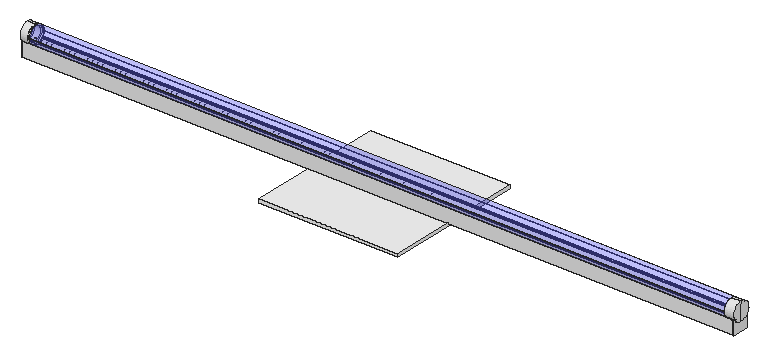
Revit family "BE_50144.2_de_DE", category Leuchten, Revit 2020
Family settings
  Basisbauteil = Fläche
  Bemaßung runder Anschluss = Durchmesser verwenden
  Teiletyp = Normal
  Beim Laden mit Abzugskörper schneiden = Ja
  Lichtquelle = Ja
  Gemeinsam genutzt = Nein
  Raumberechnungspunkt = Ja
Parameters (values of type "BEGA_50144.2_K3")
  built-in parameter 1150104 = 14.463 (stored number, unit not read)
  Wattage = 70.4 W
  Default Elevation = 0 mm
  built-in parameter 1150113 = 1 (stored number, unit not read)
  built-in parameter 1114218 = 1 (stored number, unit not read)
  Umgebungstemperatur = "25 °C"
  URL = "https://www.bega.com/de/produkt/50144.2"
  Typenkommentare = "© 2022 BEGA. Wir behalten uns das Recht vor, technische Änderungen ohne vorherige Ankündigung vorzunehmen."  # constant formula
  built-in parameter 1150134 = (empty or 0)
  built-in parameter 1150109 = 1 (stored number, unit not read)
  built-in parameter 1150110 = 1 (stored number, unit not read)
  Spannung = 239.996 V
  Sonderanfertigung = no
  Seriennummer [instance] = "Hier können Sie die eindeutige Seriennummer für das Facility Management eintragen."
  Schutzklasse = "I"
  Schutzart = "IP 20"
  Scheinlast = 0 VA
  Produktdatenblatt = "https://cdn.bega.com/bega/products/50144.2K3/current/documents/data-sheets/de"
  Neigungswinkel = 0.00°
  Modell = "50144.2K3"
  Material_22 = BEGA_Oberfläche_Aluminium_matt
  Material_14 = BEGA_Kunststoff_opal
  Material_06 = BEGA_Oberfläche_Edelstahl_gebürstet
  Material_05 = BEGA_Oberfläche_Aluminium Guss
  M_W = no
  M_G = no
  M_A = no
  Logo = 0
  built-in parameter 1114217 = 1 (stored number, unit not read)
  built-in parameter 1150139 = (empty or 0)
  built-in parameter 1150105 = 872.16 (stored number, unit not read)
  built-in parameter 1150114 = 1 (stored number, unit not read)
  Lumens = 10959.9 lm
  built-in parameter 1150115 = 1 (stored number, unit not read)
  Leuchtenlichtstrom = "8981 lm"
  Lebensdauerkriterien = "L70B50 @ 25 °C = 159000 h"
  Lastklassifizierung = Beleuchtung
  built-in parameter 1150112 = 1 (stored number, unit not read)
  Lampenlichtstrom = "10960 lm"
  Lampe = "LED 70.4 W"
  LED_Modulbezeichnung = "8x LED-0694/930"
  Hersteller = "BEGA"  # constant formula
  Gewicht = "4.9 kg"
  Frequenz = "0/50-60 Hz"
  Farbwiedergabeindex = "CRI > 90"
  Farbtemperaturverschiebung bei Dämpfen der Lampe = <Keine Auswahl>
  Farbtemperatur = "3000 K"
  Color Filter = 16777215
  built-in parameter 1150133 = 10 (stored number, unit not read)
  Energieeffizienzklasse = "LED A++ - A"
  built-in parameter 1150137 = (empty or 0)
  built-in parameter 1150132 = (empty or 0)
  ENEC = "ja"
  Dimmbar [instance] = "DALI"
  Datei für fotometrisches Netz = "BE_50144K3.IES"
  CE_Konformität = "ja"
  Bestellnummer = "50144.2K3"
  Beschreibung_Sonderanfertigung = "Hier können Sie Informationen zur Sonderanfertigung eintragen."
  Beschreibung = "Decken- und Wandleuchte"
  built-in parameter 1150106 = 8.7216 (stored number, unit not read)
  Befestigungsbohrung = "Ø 6,5 mm"
  BEGA_Intern_aus = yes
  BEGA_Intern_an = yes
  BEGA_Intern_Konstruktion = yes
  BEGA_Intern = yes
  BEGA_IES = yes
  BEGA_Dummy = no
  Anschlussleistung [instance] = "80 W"
  built-in parameter 1150107 = 3000 (stored number, unit not read)
  built-in parameter 1150102 = (empty or 0)
  built-in parameter 1150138 = (empty or 0)
  Aktualisierung = "2022-11-30T04:00:03"
  AC/DC = "AC/DC"
Reference planes
  plane 1 "Mitte (Vorne/Hinten)": y = 0
  plane 2: z = 0
  plane 3 "Mitte (Links/Rechts)": x = 0
  plane 4 "Links": x = -1025
  plane 5 "Rechts": x = 1025
  plane 6 "Unten": y = -25.454
  plane 7 "Oben": y = 25.454
  plane 8 "Vorne": z = 79.5
  plane 9 "Hinten": z = 0
Forms (mm)
  Extrusion 1, solid, material "BEGA_Platte_Weiss"
    sketch origin (0, -1119.2, 0) x (1, 0, 0) y (0, 1, 0)
      loop
        line (-200, 1319.2) -> (-200, 919.2) -> (200, 919.2) -> (200, 1319.2) -> (-200, 1319.2)
    from 0 to -10
  Extrusion 2, solid, material "BEGA_Dummy_matt", visible <- "BEGA_Dummy"
    sketch origin (80.095, -76.023, 0) x (1, 0, 0) y (0, 1, 0)
      loop
        line (-1105.095, 101.477) -> (-1105.095, 50.569) -> (944.905, 50.569) -> (944.905, 101.477) -> (-1105.095, 101.477)
    from 0 to 79.5
Dimensions and locks
  plane 1 "Mitte (Vorne/Hinten)" to Extrusion 1 = 200 mm
  aligned and locked: plane 2 to Extrusion 1
  aligned and locked: level to Extrusion 1
Nested families
  nested 1: "BE_50144.2_Leuchte" at (0, 0, 0), type "BE_50144.2_Leuchte"
Connectors
  electrical at (0, 0, 0), driven by "Lastklassifizierung", driven by "Spannung", driven by "Scheinlast"
    settings: index 1, voltage 239.996 V, apparent load 0 VA, apparent load phase1 0 VA, apparent load phase2 0 VA, apparent load phase3 0 VA, power factor 1, load classification "Beleuchtung", number of poles 1, system type 31, power factor state 1, is connector primary yes, connector utility no, sub classification motor no, connector description ""
Definition of nested family "BE_50144.2_Leuchte"
  Parameters (values of type "BE_50144.2_Leuchte")
    Default Elevation = 1 mm
    URL = "http://www.bega.de/de/produkt"
    Type Comments = "© 2015 BEGA. Wir behalten uns das Recht vor, technische Änderungen ohne vorherige Ankündigung vorzunehmen. "  # constant formula
    Type Image = (empty or 0)
    Neigungswinkel_um_Z2 = 0.00°
    Neigungswinkel_um_Z1 = 0.00°
    Neigungswinkel_um_Y2 = 0.00°
    Neigungswinkel_um_Y1 = 0.00°
    Neigungswinkel_um_X2 = 0.00°
    Neigungswinkel_um_X1 = 0.00°
    Material_22 = none
    Material_14 = none
    Material_06 = none
    Material_05 = none
    M_W = yes
    M_G = yes
    M_A = yes
    Länge_Platte = 2200 mm  # constant formula
    Höhe_Platte = -10 mm  # constant formula
    Manufacturer = "BEGA"  # constant formula
    Drehwinkel_um_Z2 = 0.00°
    Drehwinkel_um_Z1 = 0.00°
    Breite_Platte = 200 mm  # constant formula
  Reference planes
    plane 1 "Mitte (Oben/Unten)": y = 0
    plane 2: z = 0
    plane 3 "Mitte (Links/Rechts)": x = 0
    plane 4: y = -25.454
    plane 5: z = 79.5
    plane 6: y = 25.454
    plane 7: x = -1025
    plane 8: x = 1025
  Forms (mm)
    Extrusion 1, solid, detail levels medium
      sketch origin (0, 0, 0) x (1, 0, 0) y (0, 1, 0)
        loop
          line (-1100, 100) -> (-1100, -100) -> (1100, -100) -> (1100, 100) -> (-1100, 100)
      from 0 to -10 <- "Höhe_Platte"
    Extrusion 2, solid, material <- "Material_22", detail levels medium+fine
      sketch origin (0, 0, 0) x (0, 1, 0) y (0, 0, 1)
        loop
          line (-22.75, 0) -> (-16, 0) -> (-16, 2) -> (-20.75, 2) -> (-20.75, 28.454)
          arc (-20.75, 28.454) -> (-20.25, 29.32) -> (-19.25, 29.32) r 1
          line (-19.25, 29.32) -> (-13.5, 26) -> (-7.983, 26) -> (-7.983, 28.588) -> (-20, 35.526) -> (-20.266, 38.57)
          arc (-20.266, 38.57) -> (-20.71, 39.168) -> (-21.136, 39.78) r 25.5
          arc (-21.136, 39.78) -> (-21.502, 39.998) -> (-21.942, 39.865) r 0.5
          line (-21.942, 39.865) -> (-22.75, 38.996) -> (-22.75, 0)
        loop
          line (22.75, 0) -> (22.75, 38.996) -> (21.942, 39.865)
          arc (21.942, 39.865) -> (21.502, 39.998) -> (21.136, 39.78) r 0.5
          arc (21.136, 39.78) -> (20.71, 39.168) -> (20.266, 38.57) r 25.5
          line (20.266, 38.57) -> (20, 35.526) -> (7.983, 28.588) -> (7.983, 26) -> (13.5, 26) -> (19.25, 29.32)
          arc (19.25, 29.32) -> (20.25, 29.32) -> (20.75, 28.454) r 1
          line (20.75, 28.454) -> (20.75, 2) -> (16, 2) -> (16, 0) -> (22.75, 0)
      from -1021.8 to 1020.2
    Extrusion 3, solid, material <- "Material_22", detail levels medium+fine
      sketch origin (0, 0, 0) x (0, 1, 0) y (0, 0, 1)
        loop
          arc (-21.135, 39.779) -> (-21.511, 39.998) -> (-21.916, 39.84) r 0.5
          line (-21.916, 39.84) -> (-22.75, 38.996) -> (-22.75, 0) -> (22.75, 0) -> (22.75, 38.996) -> (21.942, 39.865)
          arc (21.942, 39.865) -> (21.511, 39.998) -> (21.135, 39.779) r 0.5
          arc (21.135, 39.779) -> (0, 28.546) -> (-21.135, 39.779) r 25.5
      from -1023.8 to -1021.8
    Extrusion 4, solid, material <- "Material_22", detail levels medium+fine
      sketch origin (1294, 0, 0) x (0, 1, 0) y (0, 0, 1)
        loop
          arc (-21.135, 39.779) -> (-21.511, 39.998) -> (-21.916, 39.84) r 0.5
          line (-21.916, 39.84) -> (-22.75, 38.996) -> (-22.75, 0) -> (22.75, 0) -> (22.75, 38.996) -> (21.942, 39.865)
          arc (21.942, 39.865) -> (21.511, 39.998) -> (21.135, 39.779) r 0.5
          arc (21.135, 39.779) -> (0, 28.546) -> (-21.135, 39.779) r 25.5
      from -273.8 to -271.8
    Extrusion 5, solid, material <- "Material_05", detail levels medium+fine
      sketch origin (250, 0, 0) x (1, 0, 0) y (0, 1, 0)
        loop
          line (672.7, -17.315) -> (700.2, -17.315) -> (700.2, 17.129) -> (672.7, 17.129) -> (672.7, -17.315)
        loop
          line (-264.8, -17.315) -> (-237.3, -17.315) -> (-237.3, 17.129) -> (-264.8, 17.129) -> (-264.8, -17.315)
        loop
          line (-1202.3, -17.315) -> (-1174.8, -17.315) -> (-1174.8, 17.129) -> (-1202.3, 17.129) -> (-1202.3, -17.315)
      from 2 to 4.6
    Extrusion 6, void
      sketch origin (250, 0, 0) x (1, 0, 0) y (0, 1, 0)
        loop
          arc (-1185.05, 3) -> (-1188.3, 6.25) -> (-1191.55, 3) r 3.25
          line (-1191.55, 3) -> (-1191.55, -3)
          arc (-1191.55, -3) -> (-1188.3, -6.25) -> (-1185.05, -3) r 3.25
          line (-1185.05, -3) -> (-1185.05, 3)
        loop
          arc (689.7, -3.25) -> (692.95, 0) -> (689.7, 3.25) r 3.25
          line (689.7, 3.25) -> (683.7, 3.25)
          arc (683.7, 3.25) -> (680.45, 0) -> (683.7, -3.25) r 3.25
          line (683.7, -3.25) -> (689.7, -3.25)
        loop
          arc (-248.05, -3.25) -> (-244.8, 0) -> (-248.05, 3.25) r 3.25
          line (-248.05, 3.25) -> (-254.05, 3.25)
          arc (-254.05, 3.25) -> (-257.3, 0) -> (-254.05, -3.25) r 3.25
          line (-254.05, -3.25) -> (-248.05, -3.25)
      from 0 to 4.6
    Revolve 7, solid, material <- "Material_22", detail levels medium+fine
      sketch origin (-250, 0, 0) x (1, 0, 0) y (0, 0, 1)
        loop
          line (-775, 79.5) -> (-775, 54) -> (-767.5, 54) -> (-767.5, 59.1) -> (-773, 62.275) -> (-773, 74.541) -> (-753.595, 74.88) -> (-753.595, 78.421) -> (-748, 78.518) -> (-748, 79.5) -> (-775, 79.5)
        axis (-748, 54) -> (-775, 54)
      angle from 0 to 360
    Extrusion 8, solid, material <- "Material_14", detail levels medium+fine
      sketch origin (0, 0, 0) x (0, 1, 0) y (0, 0, 1)
        loop
          circle (0, 54.046) r 25.454
      from -998 to 998
    Revolve 9, void
      sketch origin (-250, 0, 0) x (1, 0, 0) y (0, 0, 1)
        loop
          line (-776.036, 58) -> (-776.036, 54) -> (-769.464, 54) -> (-769.464, 58) -> (-776.036, 58)
        axis (-769.464, 54) -> (-776.036, 54)
      angle from 0 to 360
    Revolve 10, solid, material <- "Material_06", detail levels fine
      sketch origin (-250, 0, 0) x (1, 0, 0) y (0, 0, 1)
        loop
          line (-774.464, 57.5) -> (-774.464, 54) -> (-769.464, 54) -> (-769.464, 57.5) -> (-774.464, 57.5)
        axis (-769.464, 54) -> (-774.464, 54)
      angle from 0 to 360
    Revolve 11, solid, material <- "Material_22", detail levels medium+fine
      sketch origin (250, 0, 0) x (-1, 0, 0) y (0, 0, 1)
        loop
          line (-775, 79.5) -> (-775, 54) -> (-767.5, 54) -> (-767.5, 59.1) -> (-773, 62.275) -> (-773, 74.541) -> (-753.595, 74.88) -> (-753.595, 78.421) -> (-748, 78.518) -> (-748, 79.5) -> (-775, 79.5)
        axis (-748, 54) -> (-775, 54)
      angle from 0 to 360
  Cuts and joins
    joined: Extrusion 3, Extrusion 4
    Extrusion 6 cuts Extrusion 5
    Revolve 9 cuts Revolve 7
    joined: Revolve 7, Revolve 11
  Dimensions and locks
    equal spacing: Extrusion 1 sketch curve, plane 3 "Mitte (Links/Rechts)", Extrusion 1 sketch curve
    equal spacing: Extrusion 1 sketch curve, plane 1 "Mitte (Oben/Unten)", Extrusion 1 sketch curve
    "Länge_Platte": Extrusion 1 sketch curve to Extrusion 1 sketch curve
    "Breite_Platte": Extrusion 1 sketch curve to Extrusion 1 sketch curve
    aligned and locked: Extrusion 1 to plane 2
    aligned and locked: level to Extrusion 1
  Automatic sketch dimensions
    Extrusion 2 sketch curve to level = 0 mm  (x2)
    plane 4 to Extrusion 2 sketch curve = 2.704 mm
    Extrusion 2 sketch curve to Extrusion 2 sketch curve = 1.2 mm  (x2)
    plane 4 to Extrusion 2 sketch curve = 4.704 mm
    Extrusion 2 sketch curve to Extrusion 2 sketch curve = 1.284 mm  (x2)
    Extrusion 2 sketch curve to Extrusion 2 sketch curve = 0.266 mm  (x2)
    Extrusion 2 sketch curve to Extrusion 2 sketch curve = 1 mm
    Extrusion 2 sketch curve to Extrusion 2 sketch curve = 4.75 mm
    Extrusion 2 sketch curve to Extrusion 2 sketch curve = 6.25 mm
    Extrusion 2 sketch curve to Extrusion 2 sketch curve = 5.517 mm  (x2)
    plane 1 "Mitte (Oben/Unten)" to Extrusion 2 sketch curve = 0 mm
    Extrusion 2 sketch curve to plane 1 "Mitte (Oben/Unten)" = 0 mm
    Extrusion 2 sketch curve to plane 1 "Mitte (Oben/Unten)" = 7.983 mm
    level to Extrusion 2 sketch curve = 2 mm  (x2)
    plane 6 to Extrusion 2 sketch curve = 9.454 mm
    plane 6 to Extrusion 2 sketch curve = 5.704 mm
    plane 6 to Extrusion 2 sketch curve = 5.454 mm
    plane 6 to Extrusion 2 sketch curve = 4.704 mm
    Extrusion 2 sketch curve to Extrusion 2 sketch curve = 24 mm
    Extrusion 2 sketch curve to Extrusion 2 sketch curve = 0 mm  (x8)
    Extrusion 2 sketch curve to Extrusion 2 sketch curve = 2.454 mm  (x2)
    Extrusion 2 sketch curve to Extrusion 2 sketch curve = 2.588 mm  (x2)
    Extrusion 2 sketch curve to Extrusion 2 sketch curve = 7.073 mm  (x2)
    Extrusion 2 sketch curve to Extrusion 2 sketch curve = 3.043 mm  (x2)
    Extrusion 2 sketch curve to Extrusion 2 sketch curve = 0.426 mm  (x2)
    Extrusion 2 sketch curve to Extrusion 2 sketch curve = 0.504 mm  (x2)
    plane 5 to Extrusion 2 sketch curve = 25.454 mm
    Extrusion 2 sketch curve to Extrusion 2 sketch curve = 0.392 mm
    Extrusion 2 sketch curve to Extrusion 2 sketch curve = 0.039 mm  (x2)
    Extrusion 2 sketch curve to Extrusion 2 sketch curve = 0.5 mm  (x2)
    Extrusion 2 sketch curve to Extrusion 2 sketch curve = 0.354 mm
    Extrusion 2 sketch curve to Extrusion 2 sketch curve = 0.011 mm  (x2)
    Extrusion 3 sketch curve to level = 0 mm
    Extrusion 3 sketch curve to plane 1 "Mitte (Oben/Unten)" = 0 mm
    plane 4 to Extrusion 3 sketch curve = 3.905 mm
    Extrusion 3 sketch curve to Extrusion 3 sketch curve = 1.2 mm
    plane 6 to Extrusion 3 sketch curve = 3.905 mm
    plane 6 to Extrusion 3 sketch curve = 2.704 mm
    Extrusion 3 sketch curve to Extrusion 3 sketch curve = 38.996 mm  (x2)
    Extrusion 3 sketch curve to Extrusion 3 sketch curve = 0.504 mm  (x2)
    plane 5 to Extrusion 3 sketch curve = 25.454 mm
    Extrusion 3 sketch curve to Extrusion 3 sketch curve = 0.414 mm  (x2)
    Extrusion 3 sketch curve to Extrusion 3 sketch curve = 0 mm  (x3)
    Extrusion 3 sketch curve to Extrusion 3 sketch curve = 0.366 mm  (x2)
    Extrusion 3 sketch curve to Extrusion 3 sketch curve = 0.026 mm  (x2)
    Extrusion 3 sketch curve to Extrusion 3 sketch curve = 0.28 mm  (x2)
    Extrusion 3 sketch curve to Extrusion 3 sketch curve = 0.025 mm  (x2)
    Extrusion 4 sketch curve to level = 0 mm
    Extrusion 4 sketch curve to plane 1 "Mitte (Oben/Unten)" = 0 mm
    plane 4 to Extrusion 4 sketch curve = 3.905 mm
    Extrusion 4 sketch curve to Extrusion 4 sketch curve = 1.2 mm
    plane 6 to Extrusion 4 sketch curve = 3.905 mm
    plane 6 to Extrusion 4 sketch curve = 2.704 mm
    Extrusion 4 sketch curve to Extrusion 4 sketch curve = 38.996 mm  (x2)
    Extrusion 4 sketch curve to Extrusion 4 sketch curve = 0.504 mm  (x2)
    plane 5 to Extrusion 4 sketch curve = 25.454 mm
    Extrusion 4 sketch curve to Extrusion 4 sketch curve = 0.414 mm  (x2)
    Extrusion 4 sketch curve to Extrusion 4 sketch curve = 0 mm  (x3)
    Extrusion 4 sketch curve to Extrusion 4 sketch curve = 0.366 mm  (x2)
    Extrusion 4 sketch curve to Extrusion 4 sketch curve = 0.026 mm  (x2)
    Extrusion 4 sketch curve to Extrusion 4 sketch curve = 0.28 mm  (x2)
    Extrusion 4 sketch curve to Extrusion 4 sketch curve = 0.025 mm  (x2)
    Revolve 7 sketch curve to plane 5 = 0 mm
    plane 5 to Revolve 7 sketch curve = 25.5 mm
    Revolve 7 sketch curve to Revolve 7 sketch curve = 2 mm
    plane 5 to Revolve 7 sketch curve = 20.4 mm
    Revolve 7 sketch curve to Revolve 7 sketch curve = 5.5 mm
    plane 5 to Revolve 7 sketch curve = 4.62 mm
    Revolve 7 sketch curve to Revolve 7 sketch curve = 19.405 mm
    plane 5 to Revolve 7 sketch curve = 0.982 mm
    Revolve 7 sketch curve to Revolve 7 sketch curve = 5.595 mm
    Revolve 7 sketch curve to Revolve 7 sketch curve = 3.175 mm
    plane 5 to Revolve 7 sketch curve = 4.959 mm
    plane 5 to Revolve 7 sketch curve = 1.079 mm
    Revolve 7 sketch curve to Revolve 7 sketch curve = 3.314 mm
    Revolve 7 sketch curve to Revolve 7 sketch curve = 0 mm  (x2)
    Extrusion 8 sketch curve to plane 1 "Mitte (Oben/Unten)" = 0 mm
    plane 5 to Extrusion 8 sketch curve = 25.454 mm
    plane 5 to Revolve 9 sketch curve = 25.5 mm
    Revolve 9 sketch curve to Revolve 9 sketch curve = 6.572 mm
    Revolve 9 sketch curve to Revolve 9 sketch curve = 4 mm
    Revolve 9 sketch curve to Revolve 9 sketch curve = 0.632 mm
    Revolve 9 sketch curve to Revolve 9 sketch curve = 0.5 mm
    Revolve 9 sketch curve to Revolve 9 sketch curve = 0 mm
    plane 5 to Revolve 10 sketch curve = 22 mm
    Revolve 10 sketch curve to Revolve 10 sketch curve = 5 mm
    Revolve 10 sketch curve to Revolve 10 sketch curve = 3.5 mm
    Revolve 10 sketch curve to Revolve 10 sketch curve = 0 mm  (x3)
    Revolve 11 sketch curve to plane 5 = 0 mm
    Revolve 11 sketch curve to plane 5 = 25.5 mm
    Revolve 11 sketch curve to Revolve 11 sketch curve = 2 mm
    Revolve 11 sketch curve to plane 5 = 20.4 mm
    Revolve 11 sketch curve to Revolve 11 sketch curve = 5.5 mm
    Revolve 11 sketch curve to plane 5 = 4.62 mm
    Revolve 11 sketch curve to Revolve 11 sketch curve = 19.405 mm
    Revolve 11 sketch curve to plane 5 = 0.982 mm
    Revolve 11 sketch curve to Revolve 11 sketch curve = 5.595 mm
    Revolve 11 sketch curve to Revolve 11 sketch curve = 3.175 mm
    Revolve 11 sketch curve to plane 5 = 4.959 mm
    Revolve 11 sketch curve to plane 5 = 1.079 mm
    Revolve 11 sketch curve to Revolve 11 sketch curve = 3.314 mm
    Revolve 11 sketch curve to Revolve 11 sketch curve = 0 mm  (x2)
    plane 4 to Extrusion 5 sketch curve = 8.14 mm  (x3)
    plane 6 to Extrusion 5 sketch curve = 8.325 mm  (x3)
    Extrusion 5 sketch curve to Extrusion 5 sketch curve = 27.5 mm  (x3)
    Extrusion 5 sketch curve to plane 3 "Mitte (Links/Rechts)" = 14.8 mm
    plane 1 "Mitte (Oben/Unten)" to Extrusion 6 sketch curve = 0 mm  (x2)
    Extrusion 6 sketch curve to plane 1 "Mitte (Oben/Unten)" = 3 mm
    Extrusion 6 sketch curve to Extrusion 6 sketch curve = 3.25 mm
    Extrusion 6 sketch curve to plane 1 "Mitte (Oben/Unten)" = 3.25 mm  (x2)
    Extrusion 6 sketch curve to plane 3 "Mitte (Links/Rechts)" = 4.05 mm
    Extrusion 6 sketch curve to Extrusion 6 sketch curve = 6 mm  (x2)
    plane 1 "Mitte (Oben/Unten)" to Extrusion 6 sketch curve = 3 mm
    Extrusion 5 sketch curve to Extrusion 5 sketch curve = 910 mm  (x2)
    Extrusion 6 sketch curve to Extrusion 6 sketch curve = 931 mm
    Revolve 7 sketch curve to plane 3 "Mitte (Links/Rechts)" = 1025 mm
    Revolve 9 sketch curve to plane 3 "Mitte (Links/Rechts)" = 1026.036 mm
    Revolve 10 sketch curve to plane 3 "Mitte (Links/Rechts)" = 1024.464 mm
    Extrusion 6 sketch curve to Extrusion 6 sketch curve = 931.75 mm
    Revolve 11 sketch curve to plane 3 "Mitte (Links/Rechts)" = 1025 mm
    radius of Extrusion 8 sketch curve = 25.454 mm
